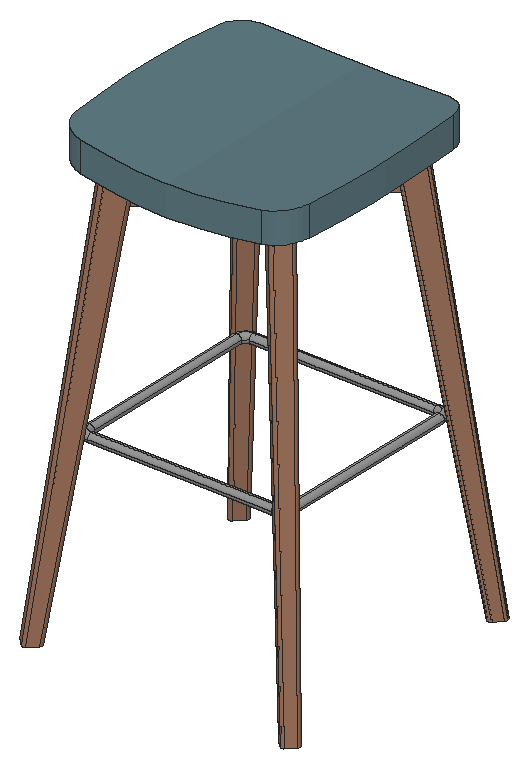
Revit family "FU_Stool_Sandler_Hellen SG04", category Furniture, Revit 2020
Family settings
  OmniClass Number = 23.40.20.00
  OmniClass Title = General Furniture and Specialties
  Work Plane-Based = No
  Always vertical = Yes
  Cut with Voids When Loaded = No
  Shared = No
  Room Calculation Point = No
Parameters (values of type "Hellen SG 04")
  Width = 455 mm
  URL = "https://www.sandlerseating.com/product/hellen-sg04/"
  Seat [instance] = Fabric - Mainline Flax - Pimlico MLF34
  Model = "Hellen SG 04"
  Manufacturer = "Sandler"
  Height = 750 mm
  Frame [instance] = Wood - Beech - Cherry Wood - V
  Description = "Stool with upholstered seat on a solid beech frame fitted with a stainless steel footrest."
  Depth = 455 mm
  Default Elevation = 0 mm
Reference planes
  plane 1 "Center (Front/Back)": y = 0
  plane 2: z = 0
  plane 3 "Center (Left/Right)": x = 0
  plane 4 "Right": x = -227.5
  plane 5 "Left": x = 227.5
  plane 6 "Back": y = 227.5
  plane 7 "Front": y = -227.5
  plane 8 "Height": z = 750
  plane 9 "Frame Base": z = 630.935
  plane 10 "FLL FRONT": through (210.681, -1524, 0) normal (-0.9934, 0, -0.115)
  plane 11 "FL RIGHT": through (4267.2, -210.681, 0) normal (0, -0.9934, 0.115)
  plane 12 "Footrest RIGHT": z = 297.885
  plane 13 "seat base": z = 685.425
Forms (mm)
  SweptBlend 1, solid, material "Wood - Beech - Cherry Wood - V" <- "Frame"
    path origin (0, -207.895, 24.067) x (0, -0.115, -0.993366) y (1, 0, 0)
      loop
        line (31.02, 211.473) -> (-681.003, 128.529)
    profile origin (211.473, -211.462, -6.747) x (-0.993283, -0.013306, -0.114941) y (0, -0.993366, 0.115)
      loop
        arc (16.658, -4.024) -> (18.122, -0.399) -> (16.528, 3.172) r 5
        line (16.528, 3.172) -> (4.046, 14.786)
        arc (4.046, 14.786) -> (0.55, 16.125) -> (-2.896, 14.661) r 5
        line (-2.896, 14.661) -> (-14.55, 3.007)
        arc (-14.55, 3.007) -> (-16.012, -0.393) -> (-14.736, -3.868) r 5
        line (-14.736, -3.868) -> (-3.338, -16.568)
        arc (-3.338, -16.568) -> (0.248, -18.227) -> (3.918, -16.764) r 5
        line (3.918, -16.764) -> (16.658, -4.024)
    end profile origin (128.529, -129.58, 700.552) x (-0.993283, -0.013306, -0.114941) y (0, -0.993366, 0.115)
      loop
        arc (22.745, -5.755) -> (24.21, -2.22) -> (22.745, 1.316) r 5
        line (22.745, 1.316) -> (-2.013, 26.074)
        arc (-2.013, 26.074) -> (-5.646, 27.537) -> (-9.22, 25.933) r 5
        line (-9.22, 25.933) -> (-26.537, 7.202)
        arc (-26.537, 7.202) -> (-27.864, 3.709) -> (-26.401, 0.272) r 5
        line (-26.401, 0.272) -> (-2.35, -23.779)
        arc (-2.35, -23.779) -> (1.186, -25.244) -> (4.721, -23.779) r 5
        line (4.721, -23.779) -> (22.745, -5.755)
  SweptBlend 2, solid, material "Wood - Beech - Cherry Wood - V" <- "Frame"
    path origin (0, -207.895, 24.067) x (0, -0.115, -0.993366) y (-1, 0, 0)
      loop
        line (31.02, 211.473) -> (-681.003, 128.529)
    profile origin (-211.473, -211.462, -6.747) x (-0.993283, 0.013306, 0.114941) y (0, -0.993366, 0.115)
      loop
        line (-16.658, -4.024) -> (-3.918, -16.764)
        arc (-3.918, -16.764) -> (-0.248, -18.227) -> (3.338, -16.568) r 5
        line (3.338, -16.568) -> (14.736, -3.868)
        arc (14.736, -3.868) -> (16.012, -0.393) -> (14.55, 3.007) r 5
        line (14.55, 3.007) -> (2.896, 14.661)
        arc (2.896, 14.661) -> (-0.55, 16.125) -> (-4.046, 14.786) r 5
        line (-4.046, 14.786) -> (-16.528, 3.172)
        arc (-16.528, 3.172) -> (-18.122, -0.399) -> (-16.658, -4.024) r 5
    end profile origin (-128.529, -129.58, 700.552) x (-0.993283, 0.013306, 0.114941) y (0, -0.993366, 0.115)
      loop
        line (-22.745, -5.755) -> (-4.721, -23.779)
        arc (-4.721, -23.779) -> (-1.186, -25.244) -> (2.35, -23.779) r 5
        line (2.35, -23.779) -> (26.401, 0.272)
        arc (26.401, 0.272) -> (27.864, 3.709) -> (26.537, 7.202) r 5
        line (26.537, 7.202) -> (9.22, 25.933)
        arc (9.22, 25.933) -> (5.646, 27.537) -> (2.013, 26.074) r 5
        line (2.013, 26.074) -> (-22.745, 1.316)
        arc (-22.745, 1.316) -> (-24.21, -2.22) -> (-22.745, -5.755) r 5
  SweptBlend 3, solid, material "Wood - Beech - Cherry Wood - V" <- "Frame"
    path origin (0, 207.895, 24.067) x (0, 0.115, -0.993366) y (-1, 0, 0)
      loop
        line (31.02, -211.473) -> (-681.003, -128.529)
    profile origin (211.473, 211.462, -6.747) x (0.993283, -0.013306, 0.114941) y (0, 0.993366, 0.115)
      loop
        line (-16.658, -4.024) -> (-3.918, -16.764)
        arc (-3.918, -16.764) -> (-0.248, -18.227) -> (3.338, -16.568) r 5
        line (3.338, -16.568) -> (14.736, -3.868)
        arc (14.736, -3.868) -> (16.012, -0.393) -> (14.55, 3.007) r 5
        line (14.55, 3.007) -> (2.896, 14.661)
        arc (2.896, 14.661) -> (-0.55, 16.125) -> (-4.046, 14.786) r 5
        line (-4.046, 14.786) -> (-16.528, 3.172)
        arc (-16.528, 3.172) -> (-18.122, -0.399) -> (-16.658, -4.024) r 5
    end profile origin (128.529, 129.58, 700.552) x (0.993283, -0.013306, 0.114941) y (0, 0.993366, 0.115)
      loop
        line (-22.745, -5.755) -> (-4.721, -23.779)
        arc (-4.721, -23.779) -> (-1.186, -25.244) -> (2.35, -23.779) r 5
        line (2.35, -23.779) -> (26.401, 0.272)
        arc (26.401, 0.272) -> (27.864, 3.709) -> (26.537, 7.202) r 5
        line (26.537, 7.202) -> (9.22, 25.933)
        arc (9.22, 25.933) -> (5.646, 27.537) -> (2.013, 26.074) r 5
        line (2.013, 26.074) -> (-22.745, 1.316)
        arc (-22.745, 1.316) -> (-24.21, -2.22) -> (-22.745, -5.755) r 5
  SweptBlend 4, solid, material "Wood - Beech - Cherry Wood - V" <- "Frame"
    path origin (0, 207.895, 24.067) x (0, 0.115, -0.993366) y (-1, 0, 0)
      loop
        line (31.02, 211.473) -> (-681.003, 128.529)
    profile origin (-211.473, 211.462, -6.747) x (0.993283, 0.013306, -0.114941) y (0, 0.993366, 0.115)
      loop
        arc (16.658, -4.024) -> (18.122, -0.399) -> (16.528, 3.172) r 5
        line (16.528, 3.172) -> (4.046, 14.786)
        arc (4.046, 14.786) -> (0.55, 16.125) -> (-2.896, 14.661) r 5
        line (-2.896, 14.661) -> (-14.55, 3.007)
        arc (-14.55, 3.007) -> (-16.012, -0.393) -> (-14.736, -3.868) r 5
        line (-14.736, -3.868) -> (-3.338, -16.568)
        arc (-3.338, -16.568) -> (0.248, -18.227) -> (3.918, -16.764) r 5
        line (3.918, -16.764) -> (16.658, -4.024)
    end profile origin (-128.529, 129.58, 700.552) x (0.993283, 0.013306, -0.114941) y (0, 0.993366, 0.115)
      loop
        arc (22.745, -5.755) -> (24.21, -2.22) -> (22.745, 1.316) r 5
        line (22.745, 1.316) -> (-2.013, 26.074)
        arc (-2.013, 26.074) -> (-5.646, 27.537) -> (-9.22, 25.933) r 5
        line (-9.22, 25.933) -> (-26.537, 7.202)
        arc (-26.537, 7.202) -> (-27.864, 3.709) -> (-26.401, 0.272) r 5
        line (-26.401, 0.272) -> (-2.35, -23.779)
        arc (-2.35, -23.779) -> (1.186, -25.244) -> (4.721, -23.779) r 5
        line (4.721, -23.779) -> (22.745, -5.755)
  Extrusion 5, solid, material "Wood - Beech - Cherry Wood - V" <- "Frame"
    sketch origin (0, 0, 630.935) x (-1, 0, 0) y (0, -1, 0)
      loop
        line (119.438, -135.526) -> (135.526, -119.438) -> (16.088, 0) -> (135.526, 119.438) -> (119.438, 135.526) -> (0, 16.088) -> (-119.438, 135.526) -> (-135.526, 119.438) -> (-16.088, 0) -> (-135.526, -119.438) -> (-119.438, -135.526) -> (0, -16.088) -> (119.438, -135.526)
    from 0 to 66.334
  Sweep 6, solid, material "Metal - Steel - Polished"
    path origin (0, 0, 297.885) x (0, -1, 0) y (1, 0, 0)
      loop
        arc (164.409, 149.409) -> (160.015, 160.015) -> (149.409, 164.409) r 15
        line (149.409, 164.409) -> (-149.409, 164.409)
        arc (-149.409, 164.409) -> (-160.015, 160.015) -> (-164.409, 149.409) r 15
        line (-164.409, 149.409) -> (-164.409, -149.409)
        arc (-164.409, -149.409) -> (-160.015, -160.015) -> (-149.409, -164.409) r 15
        line (-149.409, -164.409) -> (149.409, -164.409)
        arc (149.409, -164.409) -> (160.015, -160.015) -> (164.409, -149.409) r 15
        line (164.409, -149.409) -> (164.409, 149.409)
    profile "Pro_Circles : 15mm" origin (0, -164.409, 297.885) x (0, -1, 0) y (0, 0, 1)
      loop
        arc (-7.467, 0.067) -> (-5.347, -5.252) -> (-0.067, -7.467) r 7.401
        arc (-0.067, -7.467) -> (5.3, -5.301) -> (7.467, 0.067) r 7.402
        arc (7.467, 0.067) -> (5.252, 5.347) -> (-0.067, 7.467) r 7.401
        arc (-0.067, 7.467) -> (-5.299, 5.299) -> (-7.467, 0.067) r 7.4
  Sweep 7, solid, material "Fabric - Mainline Flax - Pimlico MLF34" <- "Seat"
    path origin (0, 0, 0) x (0, 1, 0) y (0, 0, 1)
      loop
        line (-227.5, 685.425) -> (227.5, 685.425)
    profile "Pro_Plus_SeatFrontUph : Pro_Plus_SeatFrontUph" origin (0, 0, 685.425) x (0, 0, 1) y (1, 0, 0)
      loop
        line (75.253, 255) -> (25.737, 255)
        arc (25.737, 255) -> (0, 0) -> (25.737, -255) r 1276.147
        line (25.737, -255) -> (75.253, -255)
        arc (75.253, -255) -> (49.374, 0) -> (75.253, 255) r 1269.264
  Extrusion 8, void
    sketch origin (0, 0, 297.885) x (0, -1, 0) y (1, 0, 0)
      loop
        arc (-189.067, -146.19) -> (-174.594, -175.751) -> (-144.882, -189.912) r 50
        arc (-144.882, -189.912) -> (0, -197.84) -> (144.882, -189.912) r 1327.714
        arc (144.882, -189.912) -> (174.594, -175.751) -> (189.067, -146.19) r 50
        arc (189.067, -146.19) -> (197.84, 0) -> (189.067, 146.19) r 1222.391
        arc (189.067, 146.19) -> (174.594, 175.751) -> (144.882, 189.912) r 50
        arc (144.882, 189.912) -> (0, 197.84) -> (-144.882, 189.912) r 1327.714
        arc (-144.882, 189.912) -> (-174.594, 175.751) -> (-189.067, 146.19) r 50
        arc (-189.067, 146.19) -> (-197.84, 0) -> (-189.067, -146.19) r 1222.391
      loop
        line (-238.252, -267.893) -> (236.748, -267.893) -> (236.748, 267.107) -> (-238.252, 267.107) -> (-238.252, -267.893)
    from 374.415 to 482.646
  Extrusion 9, void
    sketch origin (0, 0, 0) x (1, 0, 0) y (0, 1, 0)
      loop
        line (-230, 230) -> (-230, -230) -> (230, -230) -> (230, 230) -> (-230, 230)
    from -15 to 0
Cuts and joins
  Extrusion 8 cuts Sweep 7
  Extrusion 9 cuts SweptBlend 2
  Extrusion 9 cuts SweptBlend 1
  Extrusion 9 cuts SweptBlend 4
  Extrusion 9 cuts SweptBlend 3
Dimensions and locks
  equal spacing: plane 4 "Right", plane 3 "Center (Left/Right)", plane 5 "Left"
  "Width": plane 4 "Right" to plane 5 "Left"
  equal spacing: plane 6 "Back", plane 1 "Center (Front/Back)", plane 7 "Front"
  "Depth": plane 6 "Back" to plane 7 "Front"
  "Height": plane 8 "Height" to level
  plane 9 "Frame Base" to level = 630.935 mm
  aligned and locked: level to plane 2
Automatic sketch dimensions
  plane 5 "Left" to SweptBlend 1 sketch curve = 98.971 mm
  plane 5 "Left" to SweptBlend 1 sketch curve = 16.027 mm
  SweptBlend 1 sketch curve to SweptBlend 1 sketch curve = 712.023 mm
  SweptBlend 1 sketch curve to plane 11 "FL RIGHT" = 3.868 mm
  profile plane to SweptBlend 1 sketch curve = 14.736 mm
  plane 11 "FL RIGHT" to SweptBlend 1 sketch curve = 3.007 mm
  SweptBlend 1 sketch curve to SweptBlend 1 sketch curve = 0.186 mm
  SweptBlend 1 sketch curve to plane 11 "FL RIGHT" = 0.528 mm
  profile plane to SweptBlend 1 sketch curve = 3.338 mm
  profile plane to SweptBlend 1 sketch curve = 2.896 mm
  SweptBlend 1 sketch curve to profile plane = 0.383 mm
  SweptBlend 1 sketch curve to profile plane = 0.64 mm
  SweptBlend 1 sketch curve to profile plane = 3.918 mm
  SweptBlend 1 sketch curve to profile plane = 4.046 mm
  SweptBlend 1 sketch curve to plane 11 "FL RIGHT" = 0.489 mm
  SweptBlend 1 sketch curve to profile plane = 13.122 mm
  plane 11 "FL RIGHT" to SweptBlend 1 sketch curve = 3.172 mm
  SweptBlend 1 sketch curve to SweptBlend 1 sketch curve = 3.406 mm
  SweptBlend 1 sketch curve to plane 11 "FL RIGHT" = 4.024 mm
  SweptBlend 1 sketch curve to plane 11 "FL RIGHT" = 13.228 mm
  SweptBlend 1 sketch curve to SweptBlend 1 sketch curve = 3.339 mm
  plane 11 "FL RIGHT" to SweptBlend 1 sketch curve = 11.126 mm
  SweptBlend 1 sketch curve to SweptBlend 1 sketch curve = 3.536 mm  (x3)
  plane 11 "FL RIGHT" to SweptBlend 1 sketch curve = 7.202 mm
  profile plane to SweptBlend 1 sketch curve = 26.537 mm
  plane 11 "FL RIGHT" to SweptBlend 1 sketch curve = 0.272 mm
  SweptBlend 1 sketch curve to SweptBlend 1 sketch curve = 0.136 mm
  plane 11 "FL RIGHT" to SweptBlend 1 sketch curve = 3.807 mm
  profile plane to SweptBlend 1 sketch curve = 9.22 mm
  SweptBlend 1 sketch curve to SweptBlend 1 sketch curve = 3.671 mm
  profile plane to SweptBlend 1 sketch curve = 2.35 mm
  profile plane to SweptBlend 1 sketch curve = 2.013 mm
  SweptBlend 1 sketch curve to profile plane = 1.186 mm
  SweptBlend 1 sketch curve to profile plane = 4.721 mm
  SweptBlend 1 sketch curve to plane 11 "FL RIGHT" = 2.22 mm
  SweptBlend 1 sketch curve to profile plane = 19.21 mm
  plane 11 "FL RIGHT" to SweptBlend 1 sketch curve = 1.316 mm
  SweptBlend 1 sketch curve to plane 11 "FL RIGHT" = 5.755 mm
  SweptBlend 1 sketch curve to plane 11 "FL RIGHT" = 20.244 mm
  plane 11 "FL RIGHT" to SweptBlend 1 sketch curve = 22.538 mm
  SweptBlend 1 sketch curve to SweptBlend 1 sketch curve = 3.394 mm
  plane 4 "Right" to SweptBlend 2 sketch curve = 98.971 mm
  plane 4 "Right" to SweptBlend 2 sketch curve = 16.027 mm
  SweptBlend 2 sketch curve to SweptBlend 2 sketch curve = 712.023 mm
  SweptBlend 2 sketch curve to plane 11 "FL RIGHT" = 4.024 mm
  profile plane to SweptBlend 2 sketch curve = 16.658 mm
  plane 11 "FL RIGHT" to SweptBlend 2 sketch curve = 3.172 mm
  SweptBlend 2 sketch curve to SweptBlend 2 sketch curve = 0.13 mm
  SweptBlend 2 sketch curve to plane 11 "FL RIGHT" = 0.489 mm
  profile plane to SweptBlend 2 sketch curve = 4.046 mm
  profile plane to SweptBlend 2 sketch curve = 3.918 mm
  profile plane to SweptBlend 2 sketch curve = 0.64 mm
  profile plane to SweptBlend 2 sketch curve = 0.383 mm
  SweptBlend 2 sketch curve to profile plane = 2.896 mm
  SweptBlend 2 sketch curve to profile plane = 3.338 mm
  SweptBlend 2 sketch curve to plane 11 "FL RIGHT" = 0.528 mm
  SweptBlend 2 sketch curve to profile plane = 11.014 mm
  plane 11 "FL RIGHT" to SweptBlend 2 sketch curve = 3.007 mm
  SweptBlend 2 sketch curve to SweptBlend 2 sketch curve = 3.536 mm  (x6)
  SweptBlend 2 sketch curve to plane 11 "FL RIGHT" = 3.868 mm
  SweptBlend 2 sketch curve to plane 11 "FL RIGHT" = 13.228 mm
  SweptBlend 2 sketch curve to SweptBlend 2 sketch curve = 3.339 mm
  plane 11 "FL RIGHT" to SweptBlend 2 sketch curve = 11.126 mm
  SweptBlend 2 sketch curve to plane 11 "FL RIGHT" = 5.755 mm
  profile plane to SweptBlend 2 sketch curve = 22.745 mm
  plane 11 "FL RIGHT" to SweptBlend 2 sketch curve = 1.316 mm
  SweptBlend 2 sketch curve to SweptBlend 2 sketch curve = 0 mm
  profile plane to SweptBlend 2 sketch curve = 4.721 mm
  profile plane to SweptBlend 2 sketch curve = 1.186 mm
  SweptBlend 2 sketch curve to profile plane = 2.013 mm
  SweptBlend 2 sketch curve to profile plane = 2.35 mm
  SweptBlend 2 sketch curve to SweptBlend 2 sketch curve = 3.671 mm
  plane 11 "FL RIGHT" to SweptBlend 2 sketch curve = 3.807 mm
  SweptBlend 2 sketch curve to profile plane = 22.865 mm
  plane 11 "FL RIGHT" to SweptBlend 2 sketch curve = 0.272 mm
  plane 11 "FL RIGHT" to SweptBlend 2 sketch curve = 7.202 mm
  SweptBlend 2 sketch curve to plane 11 "FL RIGHT" = 20.244 mm
  plane 11 "FL RIGHT" to SweptBlend 2 sketch curve = 22.538 mm
  SweptBlend 2 sketch curve to SweptBlend 2 sketch curve = 3.394 mm
  plane 5 "Left" to SweptBlend 3 sketch curve = 98.971 mm
  plane 5 "Left" to SweptBlend 3 sketch curve = 16.027 mm
  SweptBlend 3 sketch curve to SweptBlend 3 sketch curve = 712.023 mm
  SweptBlend 3 sketch curve to profile plane = 4.024 mm
  profile plane to SweptBlend 3 sketch curve = 16.658 mm
  profile plane to SweptBlend 3 sketch curve = 3.172 mm
  SweptBlend 3 sketch curve to SweptBlend 3 sketch curve = 0.13 mm
  SweptBlend 3 sketch curve to profile plane = 0.489 mm
  profile plane to SweptBlend 3 sketch curve = 4.046 mm
  profile plane to SweptBlend 3 sketch curve = 3.918 mm
  profile plane to SweptBlend 3 sketch curve = 0.64 mm
  profile plane to SweptBlend 3 sketch curve = 0.383 mm
  SweptBlend 3 sketch curve to profile plane = 2.896 mm
  SweptBlend 3 sketch curve to profile plane = 3.338 mm
  SweptBlend 3 sketch curve to profile plane = 0.528 mm
  SweptBlend 3 sketch curve to profile plane = 11.014 mm
  profile plane to SweptBlend 3 sketch curve = 3.007 mm
  SweptBlend 3 sketch curve to SweptBlend 3 sketch curve = 3.536 mm  (x6)
  SweptBlend 3 sketch curve to profile plane = 3.868 mm
  SweptBlend 3 sketch curve to profile plane = 13.228 mm
  SweptBlend 3 sketch curve to SweptBlend 3 sketch curve = 3.339 mm
  profile plane to SweptBlend 3 sketch curve = 11.126 mm
  SweptBlend 3 sketch curve to profile plane = 5.755 mm
  profile plane to SweptBlend 3 sketch curve = 22.745 mm
  profile plane to SweptBlend 3 sketch curve = 1.316 mm
  SweptBlend 3 sketch curve to SweptBlend 3 sketch curve = 0 mm
  profile plane to SweptBlend 3 sketch curve = 4.721 mm
  profile plane to SweptBlend 3 sketch curve = 1.186 mm
  SweptBlend 3 sketch curve to profile plane = 2.013 mm
  SweptBlend 3 sketch curve to profile plane = 2.35 mm
  SweptBlend 3 sketch curve to SweptBlend 3 sketch curve = 3.671 mm
  profile plane to SweptBlend 3 sketch curve = 3.807 mm
  SweptBlend 3 sketch curve to profile plane = 22.865 mm
  profile plane to SweptBlend 3 sketch curve = 0.272 mm
  profile plane to SweptBlend 3 sketch curve = 7.202 mm
  SweptBlend 3 sketch curve to profile plane = 20.244 mm
  profile plane to SweptBlend 3 sketch curve = 22.538 mm
  SweptBlend 3 sketch curve to SweptBlend 3 sketch curve = 3.394 mm
  SweptBlend 4 sketch curve to plane 4 "Right" = 98.971 mm
  SweptBlend 4 sketch curve to plane 4 "Right" = 16.027 mm
  SweptBlend 4 sketch curve to SweptBlend 4 sketch curve = 712.023 mm
  SweptBlend 4 sketch curve to profile plane = 3.868 mm
  profile plane to SweptBlend 4 sketch curve = 14.736 mm
  profile plane to SweptBlend 4 sketch curve = 3.007 mm
  SweptBlend 4 sketch curve to SweptBlend 4 sketch curve = 0.186 mm
  SweptBlend 4 sketch curve to profile plane = 0.528 mm
  profile plane to SweptBlend 4 sketch curve = 3.338 mm
  profile plane to SweptBlend 4 sketch curve = 2.896 mm
  SweptBlend 4 sketch curve to profile plane = 0.383 mm
  SweptBlend 4 sketch curve to profile plane = 0.64 mm
  SweptBlend 4 sketch curve to profile plane = 3.918 mm
  SweptBlend 4 sketch curve to profile plane = 4.046 mm
  SweptBlend 4 sketch curve to profile plane = 0.489 mm
  SweptBlend 4 sketch curve to profile plane = 13.122 mm
  profile plane to SweptBlend 4 sketch curve = 3.172 mm
  SweptBlend 4 sketch curve to SweptBlend 4 sketch curve = 3.406 mm
  SweptBlend 4 sketch curve to profile plane = 4.024 mm
  SweptBlend 4 sketch curve to profile plane = 13.228 mm
  SweptBlend 4 sketch curve to SweptBlend 4 sketch curve = 3.339 mm
  profile plane to SweptBlend 4 sketch curve = 11.126 mm
  SweptBlend 4 sketch curve to SweptBlend 4 sketch curve = 3.536 mm  (x3)
  profile plane to SweptBlend 4 sketch curve = 7.202 mm
  profile plane to SweptBlend 4 sketch curve = 26.537 mm
  profile plane to SweptBlend 4 sketch curve = 0.272 mm
  SweptBlend 4 sketch curve to SweptBlend 4 sketch curve = 0.136 mm
  profile plane to SweptBlend 4 sketch curve = 3.807 mm
  profile plane to SweptBlend 4 sketch curve = 9.22 mm
  SweptBlend 4 sketch curve to SweptBlend 4 sketch curve = 3.671 mm
  profile plane to SweptBlend 4 sketch curve = 2.35 mm
  profile plane to SweptBlend 4 sketch curve = 2.013 mm
  SweptBlend 4 sketch curve to profile plane = 1.186 mm
  SweptBlend 4 sketch curve to profile plane = 4.721 mm
  SweptBlend 4 sketch curve to profile plane = 2.22 mm
  SweptBlend 4 sketch curve to profile plane = 19.21 mm
  profile plane to SweptBlend 4 sketch curve = 1.316 mm
  SweptBlend 4 sketch curve to profile plane = 5.755 mm
  SweptBlend 4 sketch curve to profile plane = 20.244 mm
  profile plane to SweptBlend 4 sketch curve = 22.538 mm
  SweptBlend 4 sketch curve to SweptBlend 4 sketch curve = 3.394 mm
  plane 1 "Center (Front/Back)" to Extrusion 5 sketch curve = 0 mm  (x2)
  Extrusion 5 sketch curve to plane 3 "Center (Left/Right)" = 0 mm  (x2)
  plane 3 "Center (Left/Right)" to Extrusion 5 sketch curve = 16.088 mm
  plane 5 "Left" to Extrusion 5 sketch curve = 108.062 mm  (x2)
  Extrusion 5 sketch curve to Extrusion 5 sketch curve = 16.088 mm  (x3)
  Extrusion 5 sketch curve to plane 3 "Center (Left/Right)" = 16.088 mm
  Extrusion 5 sketch curve to plane 4 "Right" = 108.062 mm
  Extrusion 5 sketch curve to plane 6 "Back" = 91.974 mm
  Sweep 6 sketch curve to plane 6 "Back" = 63.091 mm
  Sweep 6 sketch curve to Sweep 6 sketch curve = 15 mm  (x3)
  plane 7 "Front" to Sweep 6 sketch curve = 78.091 mm  (x2)
  Sweep 6 sketch curve to plane 4 "Right" = 63.091 mm
  plane 5 "Left" to Sweep 6 sketch curve = 78.091 mm
  Sweep 7 sketch curve to plane 7 "Front" = 0 mm
  Sweep 7 sketch curve to plane 6 "Back" = 0 mm
  Sweep 7 sketch curve to plane 13 "seat base" = 0 mm
  Extrusion 8 sketch curve to plane 3 "Center (Left/Right)" = 0 mm  (x2)
  plane 1 "Center (Front/Back)" to Extrusion 8 sketch curve = 0 mm  (x2)
  Extrusion 8 sketch curve to plane 6 "Back" = 88.074 mm  (x2)
  plane 6 "Back" to Extrusion 8 sketch curve = 10.752 mm
  plane 6 "Back" to Extrusion 8 sketch curve = 797.052 mm
  plane 7 "Front" to Extrusion 8 sketch curve = 88.074 mm  (x2)
  Extrusion 8 sketch curve to plane 7 "Front" = 9.248 mm
  Extrusion 8 sketch curve to plane 7 "Front" = 797.052 mm
  Extrusion 8 sketch curve to plane 4 "Right" = 87.29 mm  (x2)
  plane 4 "Right" to Extrusion 8 sketch curve = 40.393 mm
  Extrusion 8 sketch curve to Extrusion 8 sketch curve = 861.981 mm
  plane 5 "Left" to Extrusion 8 sketch curve = 87.29 mm  (x2)
  Extrusion 8 sketch curve to plane 5 "Left" = 39.607 mm
  Extrusion 8 sketch curve to Extrusion 8 sketch curve = 862.766 mm
  plane 5 "Left" to Extrusion 8 sketch curve = 37.588 mm
  Extrusion 8 sketch curve to plane 4 "Right" = 37.588 mm
  Extrusion 8 sketch curve to Extrusion 8 sketch curve = 0 mm  (x6)
  plane 4 "Right" to Extrusion 9 sketch curve = 2.5 mm
  Extrusion 9 sketch curve to plane 5 "Left" = 2.5 mm
  Extrusion 9 sketch curve to plane 7 "Front" = 2.5 mm
  plane 6 "Back" to Extrusion 9 sketch curve = 2.5 mm
